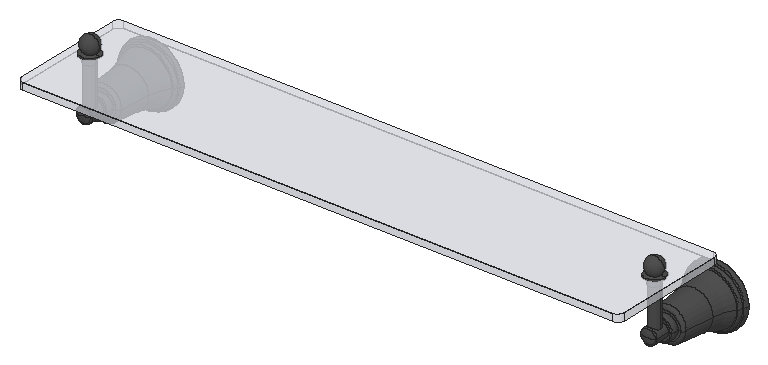
Revit family "Reece_Accessory_Posh_Canterbury_Shower Shelf", category Plumbing Fixtures, host Face, Revit 2018
Family settings
  Host = Face
  Round Connector Dimension = Use Diameter
  Part Type = Normal
  Cut with Voids When Loaded = Yes
  Shared = Yes
  Room Calculation Point = Yes
Parameters (values of type "Matte Black")
  URL = "https://www.reece.com.au/product/-9509188"
  Type Comments = "Accessory"
  Reece_Product_Web Page = "https://www.reece.com.au/product/-9509188"
  Reece_Product_Type = "Accessory"  # constant formula
  Reece_Product_Sub Brand = "Canterbury"  # constant formula
  Reece_Product_Number = "9509188"
  Reece_Product_Mount = "Wall Mounted"
  Reece_Product_Description = "Posh Canterbury Shower Shelf Matte Black"
  Reece_Product_Brand = "Posh"  # constant formula
  Reece_Overall_Width = 116 mm  # constant formula
  Reece_Overall_Length = 480 mm  # constant formula
  Reece_Overall_Height = 80 mm  # constant formula
  Reece_Material_Secondary = Reece_Safety Glass_Transparent
  Reece_Material_Main = Reece_Brass_Matte Black
  Reece_Height_From_Level [instance] = 1000 mm
  Reece_Detail_Installation = "Wall Mounted"  # constant formula
  Reece_Detail_Disclaimer = "THIS FILE IS THE PROPERTY OF THE REECE GROUP. IT MAY NOT BE REPRODUCED, REVERSE-ENGINEERED OR MODIFIED. ANY REPUBLICATION, TRANSMISSION OR DISTRIBUTION FOR THE PURPOSE OF COMMERCIALLY EXPLOITING THE FILES IS PROHIBITED."  # constant formula
  Reece_Detail_Additional = "Shower Shelf"  # constant formula
  Model = "Canterbury"
  Manufacturer = "Posh"
  Keynote = "Product #9509188, Reece_Accessory_Posh_Canterbury_Shower Shelf - Matte Black"
  Disclaimer = "THIS FILE IS THE PROPERTY OF THE REECE GROUP. IT MAY NOT BE REPRODUCED, REVERSE-ENGINEERED OR MODIFIED. ANY REPUBLICATION, TRANSMISSION OR DISTRIBUTION FOR THE PURPOSE OF COMMERCIALLY EXPLOITING THE FILES IS PROHIBITED."  # constant formula
  Description = "Posh Canterbury Shower Shelf Matte Black"
  Default Elevation = 0 mm
Types (3, lengths in mm): name | URL | Reece_Product_Web Page | Reece_Product_Number | Reece_Product_Description | Reece_Material_Main | Keynote | Description
  Chrome | "https://www.reece.com.au/product/-9508454" | "https://www.reece.com.au/product/-9508454" | "9508454" | "Posh Canterbury Shower Shelf Chrome" | Reece_Brass_Chrome | "Product #9508454, Reece_Accessory_Posh_Canterbury_Shower Shelf - Chrome" | "Posh Canterbury Shower Shelf Chrome"
  Matte Black | "https://www.reece.com.au/product/-9509188" | "https://www.reece.com.au/product/-9509188" | "9509188" | "Posh Canterbury Shower Shelf Matte Black" | Reece_Brass_Matte Black | "Product #9509188, Reece_Accessory_Posh_Canterbury_Shower Shelf - Matte Black" | "Posh Canterbury Shower Shelf Matte Black"
  Brass Gold | "https://www.reece.com.au/product/-9508455" | "https://www.reece.com.au/product/-9508455" | "9508455" | "Posh Canterbury Shower Shelf Polished Brass Gold" | Reece_Brass_Gold | "Product #9508455, Reece_Accessory_Posh_Canterbury_Shower Shelf - Brass Gold" | "Posh Canterbury Shower Shelf Brass Gold"
Reference planes
  plane 1 "Center (Front/Back)": y = 0
  plane 2 "Bottom Host Plane": z = -5
  plane 3 "Center (Left/Right)": x = 0
  plane 4 "Height From Floor": z = 1000
  plane 5 "Top": z = 1054.976
  plane 6: y = -116
  plane 7: x = -225
  plane 8: x = 225
  plane 9: z = 974.976
  plane 10: x = -239.981
  plane 11: x = 240.019
Forms (mm)
  Extrusion 1, solid, material "Reece_Safety Glass_Transparent" <- "Reece_Material_Secondary"
    sketch origin (0, 0, 1054.976) x (-1, 0, 0) y (0, -1, 0)
      loop
        line (239.981, 20.859) -> (239.981, 111)
        arc (239.981, 111) -> (238.517, 114.536) -> (234.981, 116) r 5
        line (234.981, 116) -> (-235.019, 116)
        arc (-235.019, 116) -> (-238.554, 114.536) -> (-240.019, 111) r 5
        line (-240.019, 111) -> (-240.019, 20.859)
        arc (-240.019, 20.859) -> (-238.554, 17.324) -> (-235.019, 15.859) r 5
        line (-235.019, 15.859) -> (234.981, 15.859)
        arc (234.981, 15.859) -> (238.517, 17.324) -> (239.981, 20.859) r 5
      loop
        circle (225, 61.902) r 5
      loop
        circle (-225, 61.902) r 5
    from -14 to -20
  Revolve 2, solid, material "Reece_Brass_Matte Black" <- "Reece_Material_Main"
    sketch origin (-365.759, -61.902, -564.289) x (1, 0, 0) y (0, 0, -1)
      loop
        line (140.759, -1619.278) -> (140.759, -1563.994) -> (136.294, -1563.994) -> (136.294, -1605.265) -> (132.799, -1605.265) -> (132.799, -1606.272) -> (135.874, -1607.279)
        arc (135.874, -1607.279) -> (134.307, -1614.911) -> (140.759, -1619.278) r 7.011
      axis (140.759, -1619.278) -> (140.759, -1563.994)
    angle from 0 to 360
  Revolve 3, solid, material "Reece_Brass_Matte Black" <- "Reece_Material_Main"
    sketch origin (-228.701, 0, 1000) x (-1, 0, 0) y (0, -1, 0)
      loop
        arc (21.299, 0) -> (21.176, 1.69) -> (20.608, 3.286) r 6.319
        arc (20.608, 3.286) -> (20.139, 3.751) -> (19.486, 3.853) r 1.071
        arc (19.486, 3.853) -> (19.303, 5.387) -> (18.594, 6.76) r 4.347
        arc (18.594, 6.76) -> (18.103, 7.102) -> (17.504, 7.098) r 0.989
        arc (17.504, 7.098) -> (14.109, 15.378) -> (12.241, 24.131) r 50.139
        arc (12.241, 24.131) -> (10.95, 35.886) -> (9.934, 47.668) r 508.618
        arc (9.934, 47.668) -> (9.131, 49.335) -> (7.409, 50.011) r 2.532
        line (7.409, 50.011) -> (4.959, 50.011)
        arc (4.959, 50.011) -> (5.76, 53.011) -> (5.192, 56.062) r 7.033
        arc (5.192, 56.062) -> (4.915, 56.393) -> (4.502, 56.516) r 0.751
        line (4.502, 56.516) -> (2.501, 56.516) -> (2.501, 67.632)
        arc (2.501, 67.632) -> (2.377, 68.044) -> (2.047, 68.32) r 0.75
        arc (2.047, 68.32) -> (-0.767, 69.206) -> (-3.701, 69.505) r 14.545
        line (-3.701, 69.505) -> (-3.701, 0) -> (21.299, 0)
      axis (-3.701, 0) -> (-3.701, 69.505)
    angle from 0 to 360
  Revolve 4, solid, material "Reece_Brass_Matte Black" <- "Reece_Material_Main"
    sketch origin (228.701, 0, 1000) x (1, 0, 0) y (0, -1, 0)
      loop
        arc (21.299, 0) -> (21.176, 1.69) -> (20.608, 3.286) r 6.319
        arc (20.608, 3.286) -> (20.139, 3.751) -> (19.486, 3.853) r 1.071
        arc (19.486, 3.853) -> (19.303, 5.387) -> (18.594, 6.76) r 4.347
        arc (18.594, 6.76) -> (18.103, 7.102) -> (17.504, 7.098) r 0.989
        arc (17.504, 7.098) -> (14.109, 15.378) -> (12.241, 24.131) r 50.139
        arc (12.241, 24.131) -> (10.95, 35.886) -> (9.934, 47.668) r 508.618
        arc (9.934, 47.668) -> (9.131, 49.335) -> (7.409, 50.011) r 2.532
        line (7.409, 50.011) -> (4.959, 50.011)
        arc (4.959, 50.011) -> (5.76, 53.011) -> (5.192, 56.062) r 7.033
        arc (5.192, 56.062) -> (4.915, 56.393) -> (4.502, 56.516) r 0.751
        line (4.502, 56.516) -> (2.501, 56.516) -> (2.501, 67.632)
        arc (2.501, 67.632) -> (2.377, 68.044) -> (2.047, 68.32) r 0.75
        arc (2.047, 68.32) -> (-0.767, 69.206) -> (-3.701, 69.505) r 14.545
        line (-3.701, 69.505) -> (-3.701, 0) -> (21.299, 0)
      axis (-3.701, 0) -> (-3.701, 69.505)
    angle from 0 to 360
  Revolve 5, solid, material "Reece_Brass_Matte Black" <- "Reece_Material_Main"
    sketch origin (365.759, -61.902, -564.289) x (-1, 0, 0) y (0, 0, 1)
      loop
        arc (140.759, 1619.278) -> (134.307, 1614.911) -> (135.874, 1607.279) r 7.011
        line (135.874, 1607.279) -> (132.799, 1606.272) -> (132.799, 1605.265) -> (136.294, 1605.265) -> (136.294, 1563.994) -> (140.759, 1563.994) -> (140.759, 1619.278)
      axis (140.759, 1619.278) -> (140.759, 1563.994)
    angle from 0 to 360
Cuts and joins
  joined: Revolve 2, Revolve 3, Revolve 4, Revolve 5
Lines and regions (mm)
  model lines, style "InvisibleLines"
    curve 1: line (0, 0, -5) -> (0, 0, 1000)
Text (mm)
  text "Reece ©" at (2668.853, -2395.367, 2952.593), in view "Reece Preview"
  text "Reece Copyright © 2018, Reece Ltd." at (-247.475, -190.626, 0), in view "Ref. Level"
Dimensions and locks
  plane 2 "Bottom Host Plane" to level = 5 mm
  locked: level to plane 2 "Bottom Host Plane" at 5
  "Reece_Height_From_Level": plane 4 "Height From Floor" to level
  "Reece_Overall_Width": plane 6 to plane 1 "Center (Front/Back)"
  plane 5 "Top" to plane 4 "Height From Floor" = 54.976 mm
  plane 7 to plane 8 = 450 mm
  "Reece_Overall_Height": plane 5 "Top" to plane 9
  "Reece_Overall_Length": plane 11 to plane 10
  aligned and locked: plane 2 "Bottom Host Plane" to curve 1
  aligned and locked: plane 4 "Height From Floor" to curve 1
Automatic sketch dimensions
  curve 1 to plane 3 "Center (Left/Right)" = 0 mm
  Revolve 2 sketch curve to plane 7 = 0 mm  (x2)
  Revolve 2 sketch curve to plane 7 = 4.464 mm
  Revolve 2 sketch curve to Revolve 2 sketch curve = 0.42 mm
  Revolve 2 sketch curve to Revolve 2 sketch curve = 3.496 mm
  plane 7 to Revolve 2 sketch curve = 0.043 mm
  Revolve 2 sketch curve to plane 5 "Top" = 0.013 mm
  plane 5 "Top" to Revolve 2 sketch curve = 6.998 mm
  Revolve 2 sketch curve to Revolve 2 sketch curve = 1.007 mm
  Revolve 2 sketch curve to Revolve 2 sketch curve = 2.014 mm
  Revolve 2 sketch curve to plane 4 "Height From Floor" = 0.295 mm
  Revolve 2 sketch curve to Revolve 2 sketch curve = 3.437 mm
  plane 4 "Height From Floor" to Revolve 2 sketch curve = 18.36 mm
  Revolve 3 sketch curve to plane 7 = 0 mm  (x2)
  plane 1 "Center (Front/Back)" to Revolve 3 sketch curve = 0 mm
  Revolve 3 sketch curve to plane 7 = 2.434 mm
  Revolve 3 sketch curve to plane 7 = 5.452 mm
  Revolve 3 sketch curve to Revolve 3 sketch curve = 3.768 mm
  Revolve 3 sketch curve to Revolve 3 sketch curve = 2.001 mm
  Revolve 3 sketch curve to Revolve 3 sketch curve = 0.458 mm
  Revolve 3 sketch curve to Revolve 3 sketch curve = 2.449 mm
  plane 1 "Center (Front/Back)" to Revolve 3 sketch curve = 0.391 mm
  Revolve 3 sketch curve to Revolve 3 sketch curve = 0.155 mm
  Revolve 3 sketch curve to Revolve 3 sketch curve = 2.662 mm
  plane 1 "Center (Front/Back)" to Revolve 3 sketch curve = 30.18 mm
  Revolve 3 sketch curve to Revolve 3 sketch curve = 455.129 mm
  plane 1 "Center (Front/Back)" to Revolve 3 sketch curve = 2.795 mm
  Revolve 3 sketch curve to Revolve 3 sketch curve = 3.721 mm
  Revolve 3 sketch curve to Revolve 3 sketch curve = 2.045 mm
  Revolve 3 sketch curve to Revolve 3 sketch curve = 41.322 mm
  Revolve 3 sketch curve to Revolve 3 sketch curve = 2.532 mm
  Revolve 3 sketch curve to Revolve 3 sketch curve = 3.269 mm
  Revolve 3 sketch curve to Revolve 3 sketch curve = 1.679 mm
  Revolve 3 sketch curve to Revolve 3 sketch curve = 5.754 mm
  Revolve 3 sketch curve to Revolve 3 sketch curve = 0.751 mm
  Revolve 3 sketch curve to Revolve 3 sketch curve = 11.116 mm
  Revolve 3 sketch curve to Revolve 3 sketch curve = 1.873 mm
  Revolve 3 sketch curve to Revolve 3 sketch curve = 0 mm  (x3)
  Revolve 3 sketch curve to Revolve 3 sketch curve = 0.306 mm
  Revolve 3 sketch curve to Revolve 3 sketch curve = 0.17 mm
  Revolve 3 sketch curve to plane 1 "Center (Front/Back)" = 12.283 mm
  Revolve 3 sketch curve to Revolve 3 sketch curve = 0.301 mm
  Revolve 4 sketch curve to plane 8 = 0 mm  (x2)
  plane 1 "Center (Front/Back)" to Revolve 4 sketch curve = 0 mm
  plane 8 to Revolve 4 sketch curve = 2.434 mm
  plane 8 to Revolve 4 sketch curve = 5.452 mm
  Revolve 4 sketch curve to Revolve 4 sketch curve = 3.768 mm
  Revolve 4 sketch curve to Revolve 4 sketch curve = 2.001 mm
  Revolve 4 sketch curve to Revolve 4 sketch curve = 0.458 mm
  Revolve 4 sketch curve to Revolve 4 sketch curve = 2.449 mm
  Revolve 4 sketch curve to plane 1 "Center (Front/Back)" = 0.391 mm
  Revolve 4 sketch curve to Revolve 4 sketch curve = 0.155 mm
  Revolve 4 sketch curve to Revolve 4 sketch curve = 2.662 mm
  Revolve 4 sketch curve to plane 1 "Center (Front/Back)" = 30.18 mm
  Revolve 4 sketch curve to Revolve 4 sketch curve = 455.129 mm
  Revolve 4 sketch curve to plane 1 "Center (Front/Back)" = 2.795 mm
  Revolve 4 sketch curve to Revolve 4 sketch curve = 3.721 mm
  Revolve 4 sketch curve to Revolve 4 sketch curve = 2.045 mm
  Revolve 4 sketch curve to Revolve 4 sketch curve = 41.322 mm
  Revolve 4 sketch curve to Revolve 4 sketch curve = 2.532 mm
  Revolve 4 sketch curve to Revolve 4 sketch curve = 3.269 mm
  Revolve 4 sketch curve to Revolve 4 sketch curve = 1.679 mm
  Revolve 4 sketch curve to Revolve 4 sketch curve = 5.754 mm
  Revolve 4 sketch curve to Revolve 4 sketch curve = 0.751 mm
  Revolve 4 sketch curve to Revolve 4 sketch curve = 11.116 mm
  Revolve 4 sketch curve to Revolve 4 sketch curve = 1.873 mm
  Revolve 4 sketch curve to Revolve 4 sketch curve = 0 mm  (x3)
  Revolve 4 sketch curve to Revolve 4 sketch curve = 0.306 mm
  Revolve 4 sketch curve to Revolve 4 sketch curve = 0.17 mm
  plane 1 "Center (Front/Back)" to Revolve 4 sketch curve = 12.283 mm
  Revolve 4 sketch curve to Revolve 4 sketch curve = 0.301 mm
  plane 8 to Revolve 5 sketch curve = 0 mm  (x2)
  Revolve 5 sketch curve to plane 8 = 4.464 mm
  Revolve 5 sketch curve to Revolve 5 sketch curve = 0.42 mm
  Revolve 5 sketch curve to Revolve 5 sketch curve = 3.496 mm
  plane 8 to Revolve 5 sketch curve = 0.043 mm
  Revolve 5 sketch curve to plane 4 "Height From Floor" = 0.295 mm
  plane 5 "Top" to Revolve 5 sketch curve = 14 mm
  Revolve 5 sketch curve to Revolve 5 sketch curve = 1.007 mm
  Revolve 5 sketch curve to Revolve 5 sketch curve = 2.014 mm
  plane 5 "Top" to Revolve 5 sketch curve = 6.998 mm
  plane 4 "Height From Floor" to Revolve 5 sketch curve = 18.36 mm
  Revolve 5 sketch curve to Revolve 5 sketch curve = 3.437 mm
  Extrusion 1 sketch curve to plane 6 = 0 mm
  Extrusion 1 sketch curve to plane 8 = 0 mm
  Extrusion 1 sketch curve to plane 7 = 0 mm
  Extrusion 1 sketch curve to plane 8 = 10.019 mm  (x2)
  Extrusion 1 sketch curve to Extrusion 1 sketch curve = 5 mm
  Extrusion 1 sketch curve to plane 7 = 9.981 mm  (x2)
  plane 6 to Extrusion 1 sketch curve = 5 mm
  plane 1 "Center (Front/Back)" to Extrusion 1 sketch curve = 20.859 mm
  Extrusion 1 sketch curve to Extrusion 1 sketch curve = 41.043 mm  (x2)
  plane 6 to Revolve 3 sketch curve = 30.499 mm
  Revolve 4 sketch curve to plane 6 = 30.499 mm
  Revolve 3 sketch curve to plane 10 = 3.712 mm
  Revolve 3 sketch curve to Revolve 3 sketch curve = 1.846 mm
  Revolve 3 sketch curve to Revolve 3 sketch curve = 1.643 mm
  Revolve 3 sketch curve to Revolve 3 sketch curve = 41.405 mm
  plane 11 to Revolve 4 sketch curve = 3.675 mm
  Revolve 4 sketch curve to Revolve 4 sketch curve = 1.846 mm
  Revolve 4 sketch curve to Revolve 4 sketch curve = 1.643 mm
  Revolve 4 sketch curve to Revolve 4 sketch curve = 41.405 mm
  radius of Extrusion 1 sketch curve = 5 mm  (x2)
